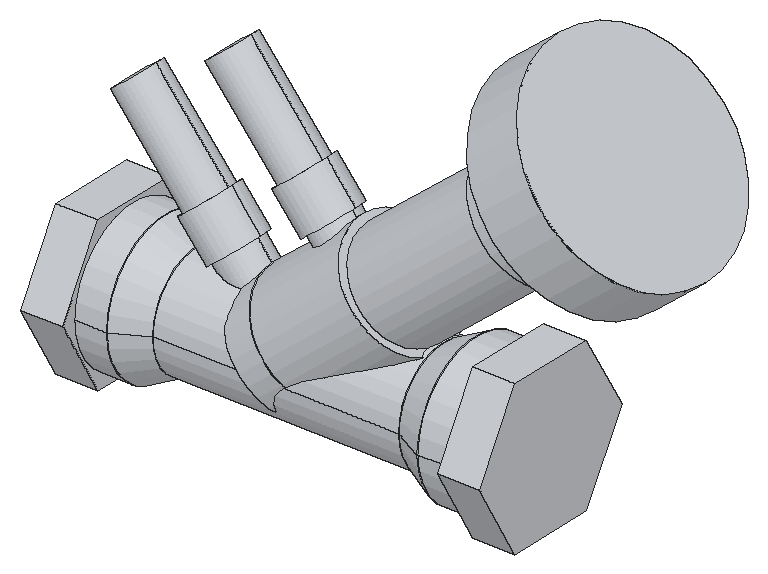
Revit family "D9505-DN40-RFA_2018", category Pipe Accessories, Revit 2018
Family settings
  Round Connector Dimension = Use Diameter
  Part Type = Valve - Breaks Into
  Work Plane-Based = No
  Always vertical = Yes
  Cut with Voids When Loaded = No
  Shared = No
Parameters (values of type "D9505 DN40")
  magiProductId = "7d52969a8dcd46c581304e64bff261"
  magiProductFamilyId = "283409d322044e8dba8a30d68fed8b"
  magiPartTypeId = 304
  isMeasuringValve [instance] = no
  ang2D [instance] = 0.00°
  W2D = 10 mm
  VersionID = "2.0/2017.10.31.1/VIR_9505_001"
  Use Minimum Symbol Size [instance] = yes
  URL = "http://www.hydronic.cz"
  Type Comments = "závitový; PN25 (-10~+100°C) nebo PN20 (-10~+130°C)"
  RN2 = 23.1 mm
  RN = 27.3 mm
  R7 = 9 mm
  R6 = 7.5 mm
  R5 = 20 mm
  R4 = 17 mm
  R3 = 19.25 mm
  R2 = 22.75 mm
  R1 = 17.5 mm
  QmdConnectorList = "301;D;302;D"
  Productdata [instance] = ""
  NUT1 = no
  Manufacturer = "Hydronic Systems Prague s.r.o."
  MC Product Code = "9505 040 (DN40; PN25 kvs19,5)"
  MC Piping Given Pressure Drop [instance] = 0.0 Pa
  L_2 = 71 mm
  L7 = 36 mm
  L6 = 2 mm
  L4 = 18.46 mm
  L3 = 10 mm
  L2__ve = -L2  # -10 mm
  L2D_Min = 3048 mm
  L2D = 77 mm
  L2 = 10 mm
  L1__ve = -L1  # -13 mm
  L1 = 13 mm
  HWR = 35 mm
  H8 = 34.8 mm
  H7 = 13.92 mm
  H6 = 26.25 mm
  H5 = 21.25 mm
  H4 = 20 mm
  H3 = 52.753 mm
  H2 = 36 mm
  H1 = 10 mm
  Description = "Ruční vyvažovací ventil závitový; bronzový; DN40; kvs19,5"
  D = 40 mm
  CenSd_RN_6 = RN * cos(30.00°)  # 23.642 mm
  CenSd_RN2_6 = RN2 * cos(30.00°)  # 20.005 mm
  CAT0 = yes
Types (7, lengths in mm): name | magiProductId | RN2 | RN | R4 | R3 | R2 | R1 | MC Product Code | L_2 | L4 | L2__ve | L2 | L1__ve | L1 | H8 | H7 | H6 | H5 | H3 | H2 | H1 | Description | D | CenSd_RN_6 | CenSd_RN2_6
  D9505 DN10 | "f06221e9bc9341508f66871c80ccb9" | 13.2 | 15.6 | 11 | 11 | 13 | 10 | "9505 010 (DN10; PN25 kvs0,97)" | 38.5 | 10.01 | -8 | 8 | -7 | 7 | 27.3 | 10.92 | 18 | 13 | 13.859 | 42 | 4 | "Ruční vyvažovací ventil závitový; bronzový; DN10; kvs0,97" | 10 | 13.51 | 11.432
  D9505 DN15 | "7168eb0cb4024df38c6d32127ca87d" | 14.85 | 17.55 | 12.375 | 12.375 | 14.625 | 11.25 | "9505 015 (DN15; PN25 kvs2,67)" | 45 | 11.7 | -8 | 8 | -8 | 8 | 27 | 10.8 | 19.375 | 14.375 | 12.304 | 41 | 5 | "Ruční vyvažovací ventil závitový; bronzový; DN15; kvs2,67" | 15 | 15.199 | 12.86
  D9505 DN20 | "82f2a7b1fa884f8cafe37fee21fa09" | 16.5 | 19.5 | 13.75 | 13.75 | 16.25 | 12.5 | "9505 020 (DN20; PN25 kvs4,1)" | 51 | 13.26 | -8 | 8 | -9 | 9 | 27 | 10.8 | 20.75 | 15.75 | 12.304 | 40 | 6 | "Ruční vyvažovací ventil závitový; bronzový; DN20; kvs4,1" | 20 | 16.887 | 14.289
  D9505 DN25 | "a5bafb2d780d49b5957b650150642c" | 18.15 | 21.45 | 15.125 | 15.125 | 17.875 | 13.75 | "9505 025 (DN25; PN25 kvs6,4)" | 55 | 14.3 | -9 | 9 | -10 | 10 | 27 | 10.8 | 22.125 | 17.125 | 12.304 | 39 | 7 | "Ruční vyvažovací ventil závitový; bronzový; DN25; kvs6,4" | 25 | 18.576 | 15.718
  D9505 DN32 | "a42dead6f7694bcf97a0a9ce0e311e" | 20.46 | 24.18 | 17 | 17.05 | 20.15 | 15.5 | "9505 032 (DN32; PN25 kvs12,0)" | 60.5 | 15.73 | -9.5 | 9.5 | -11.4 | 11.4 | 34.8 | 13.92 | 24.05 | 19.05 | 52.753 | 38 | 8 | "Ruční vyvažovací ventil závitový; bronzový; DN32; kvs12,0" | 32 | 20.94 | 17.719
  D9505 DN40 | "7d52969a8dcd46c581304e64bff261" | 23.1 | 27.3 | 17 | 19.25 | 22.75 | 17.5 | "9505 040 (DN40; PN25 kvs19,5)" | 71 | 18.46 | -10 | 10 | -13 | 13 | 34.8 | 13.92 | 26.25 | 21.25 | 52.753 | 36 | 10 | "Ruční vyvažovací ventil závitový; bronzový; DN40; kvs19,5" | 40 | 23.642 | 20.005
  D9505 DN50 | "2fc06cc644084f6992b3d357430981" | 26.4 | 31.2 | 17 | 22 | 26 | 20 | "9505 050 (DN50; PN25 kvs29,8)" | 80.5 | 20.93 | -11 | 11 | -15 | 15 | 34.8 | 13.92 | 29 | 24 | 52.753 | 34 | 12 | "Ruční vyvažovací ventil závitový; bronzový; DN50; kvs29,8" | 50 | 27.02 | 22.863
Reference planes
  plane 1 "Center (Front/Back)": y = 0
  plane 2 "XYPLANE": z = 0
  plane 3 "Center (Left/Right)": x = 0
  plane 4 "312": through (-484.44, 0, 580.961) normal (0.766, 0, 0.6428)
  plane 5 "176": through (-607.15, 0, -455.149) normal (-0.6428, 0, 0.766)
  plane 6 "173": through (-601.417, 0, -461.982) normal (-0.6428, 0, 0.766)
  plane 7 "163": x = -18.46
  plane 8 "158": x = 38
  plane 9 "157": x = 48
  plane 10 "154": x = -38
  plane 11 "83": through (-610.364, 0, -451.319) normal (-0.6428, 0, 0.766)
  plane 12 "76": through (-464.523, 0, 597.674) normal (0.766, 0, 0.6428)
  plane 13 "73": through (-598.203, 0, -465.812) normal (-0.6428, 0, 0.766)
  plane 14 "70": through (-584.543, 0, -482.091) normal (-0.6428, 0, 0.766)
  plane 15 "69": y = 0
  plane 16 "68": through (-490.569, 0, 575.819) normal (0.766, 0, 0.6428)
  plane 17 "60": through (-401.131, 0, 650.866) normal (0.766, 0, 0.6428)
  plane 18 "57": through (-416.452, 0, 638.01) normal (0.766, 0, 0.6428)
  plane 19 "54": through (-456.863, 0, 604.102) normal (0.766, 0, 0.6428)
  plane 20 "32": through (-492.101, 0, 574.533) normal (0.766, 0, 0.6428)
  plane 21 "31": y = 0
  plane 22 "30": through (564.523, 0, 482.091) normal (0.6428, 0, -0.766)
  plane 23 "21": x = -48
  plane 24 "20": x = 58
  plane 25 "19": x = -58
  plane 26 "13": x = 0
  plane 27 "11": x = 71
  plane 28 "10": x = -71
  plane 29 "9": y = 0
  plane 30 "8": z = 0
  plane 31 "65XY": through (-584.543, 0, -482.091) normal (-0.6428, 0, 0.766)
  plane 32 "65XZ": y = 0
  plane 33 "65YZ": through (-492.101, 0, 574.533) normal (0.766, 0, 0.6428)
  plane 34 "27XY": through (-492.101, 0, 574.533) normal (0.766, 0, 0.6428)
  plane 35 "27XZ": y = 0
  plane 36 "27YZ": through (564.523, 0, 482.091) normal (0.6428, 0, -0.766)
Forms (mm)
  Extrusion 1, solid, visible <- "CAT0"
    sketch origin (-492.101, 0, 574.533) x (0.642788, 0, -0.766044) y (0, 1, 0)
      loop
        circle (750, 0) r 19.25
    from 0 to 10 <- "H1"
  Extrusion 2, solid
    sketch origin (-607.15, 0, -455.149) x (0.766044, 0, 0.642788) y (0, 1, 0)
      loop
        circle (786, 0) r 7.5
    from 0 to 34.8 <- "H8"
  Extrusion 3, solid
    sketch origin (-598.203, 0, -465.812) x (0.766044, 0, 0.642788) y (0, 1, 0)
      loop
        circle (786, 0) r 9
    from 0 to 13.92 <- "H7"
  Extrusion 4, solid
    sketch origin (-456.863, 0, 604.102) x (0.642788, 0, -0.766044) y (0, 1, 0)
      loop
        circle (750, 0) r 17
    from 0 to 52.753 <- "H3"
  Extrusion 5, solid, visible <- "NUT1"
    sketch origin (-456.863, 0, 604.102) x (0.642788, 0, -0.766044) y (0, 1, 0)
      loop
        line (750, 23.1) -> (729.995, 11.55) -> (729.995, -11.55) -> (750, -23.1) -> (770.005, -11.55) -> (770.005, 11.55) -> (750, 23.1)
    from 0 to 13 <- "L1"
  Blend 6, solid, visible <- "CAT0"
    base sketch origin (-38, -750, 0) x (0, 1, 0) y (0, 0, 1)
      loop
        circle (750, 0) r 17.5
    top sketch origin (-38, -750, 0) x (0, 1, 0) y (0, 0, 1)
      loop
        circle (750, 0) r 17.5
    from 0 to 76
  Blend 7, solid
    base sketch origin (48, -750, 0) x (0, 1, 0) y (0, 0, 1)
      loop
        circle (750, 0) r 22.75
    top sketch origin (48, -750, 0) x (0, 1, 0) y (0, 0, 1)
      loop
        circle (750, 0) r 17.5
    from 0 to -10
  Blend 8, solid
    base sketch origin (-48, -750, 0) x (0, 1, 0) y (0, 0, 1)
      loop
        circle (750, 0) r 22.75
    top sketch origin (-48, -750, 0) x (0, 1, 0) y (0, 0, 1)
      loop
        circle (750, 0) r 17.5
    from 0 to 10
  Extrusion 9, solid
    sketch origin (-584.543, 0, -482.091) x (0.766044, 0, 0.642788) y (0, 1, 0)
      loop
        circle (752, 0) r 7.5
    from 0 to 26.25 <- "H6"
  Extrusion 10, solid
    sketch origin (-610.364, 0, -451.319) x (0.766044, 0, 0.642788) y (0, 1, 0)
      loop
        circle (752, 0) r 7.5
    from 0 to 34.8 <- "H8"
  Extrusion 11, solid
    sketch origin (-584.543, 0, -482.091) x (0.766044, 0, 0.642788) y (0, 1, 0)
      loop
        circle (786, 0) r 7.5
    from 0 to 21.25 <- "H5"
  Extrusion 12, solid
    sketch origin (-601.417, 0, -461.982) x (0.766044, 0, 0.642788) y (0, 1, 0)
      loop
        circle (752, 0) r 9
    from 0 to 13.92 <- "H7"
  Extrusion 13, solid, visible <- "CAT0"
    sketch origin (-401.131, 0, 650.866) x (0.642788, 0, -0.766044) y (0, 1, 0)
      loop
        circle (750, 0) r 35
    from 0 to 20 <- "H4"
  Extrusion 14, solid
    sketch origin (-416.452, 0, 638.01) x (0.642788, 0, -0.766044) y (0, 1, 0)
      loop
        circle (750, 0) r 20
    from 0 to 20 <- "H4"
  Extrusion 15, solid
    sketch origin (-484.44, 0, 580.961) x (0.642788, 0, -0.766044) y (0, 1, 0)
      loop
        circle (750, 0) r 19.25
    from 0 to 36 <- "H2"
  Extrusion 16, solid
    sketch origin (58, -750, 0) x (0, 1, 0) y (0, 0, 1)
      loop
        circle (750, 0) r 22.75
    from 0 to -10 <- "L2__ve"
  Extrusion 17, solid
    sketch origin (-58, -750, 0) x (0, 1, 0) y (0, 0, 1)
      loop
        circle (750, 0) r 22.75
    from 0 to 10 <- "L2"
  Extrusion 18, solid
    sketch origin (71, -750, 0) x (0, 1, 0) y (0, 0, 1)
      loop
        line (722.7, 0) -> (736.35, -23.642) -> (763.65, -23.642) -> (777.3, 0) -> (763.65, 23.642) -> (736.35, 23.642) -> (722.7, 0)
    from 0 to -13 <- "L1__ve"
  Extrusion 19, solid
    sketch origin (-71, -750, 0) x (0, 1, 0) y (0, 0, 1)
      loop
        line (777.3, 0) -> (763.65, 23.642) -> (736.35, 23.642) -> (722.7, 0) -> (736.35, -23.642) -> (763.65, -23.642) -> (777.3, 0)
    from 0 to 13 <- "L1"
  Extrusion 20, solid, not visible
    sketch origin (71, -750, 0) x (0, 1, 0) y (0, 0, 1)
      loop
        circle (750, 0) r 10
    from 0 to -10
  Extrusion 21, solid, not visible
    sketch origin (-71, -750, 0) x (0, 1, 0) y (0, 0, 1)
      loop
        circle (750, 0) r 10
    from 0 to 10
Lines and regions (mm)
  reference lines, not visible
    curve 1: circle (2, 2, 0) r 1 normal (0, 0, 1)
  reference lines
    curve 2: line (25.228, 0, 29.568) -> (28.902, -3.3, 25.19)
    curve 3: line (25.228, 0, 29.568) -> (25.228, -6.6, 29.568)
    curve 4: line (25.228, 0, 29.568) -> (21.554, -3.3, 33.947)
    curve 5: line (71, 0, 0) -> (71, 3.9, -6.755)
    curve 6: line (71, 0, 0) -> (71, 7.8, 0)
    curve 7: line (71, 0, 0) -> (71, 3.9, 6.755)
    curve 8: line (-71, 0, 0) -> (-71, -3.9, -6.755)
    curve 9: line (-71, 0, 0) -> (-71, -7.8, 0)
    curve 10: line (-71, 0, 0) -> (-71, -3.9, 6.755)
Dimensions and locks
  plane 1 "Center (Front/Back)" to curve 1 = 2 mm
  "H1": plane 20 "32" to plane 4 "312"
  "H7": plane 13 "73" to plane 5 "176"
  "H6": plane 14 "70" to plane 6 "173"
  "L4": plane 26 "13" to plane 7 "163"
  "L3": plane 9 "157" to plane 8 "158"
  "L2": plane 24 "20" to plane 9 "157"
  "L3": plane 23 "21" to plane 10 "154"
  "H7": plane 6 "173" to plane 11 "83"
  "L7": plane 33 "65YZ" to plane 12 "76"
  "H5": plane 14 "70" to plane 13 "73"
  locked: plane 31 "65XY" to plane 14 "70" at 0
  locked: plane 29 "9" to plane 15 "69"
  "L6": plane 33 "65YZ" to plane 16 "68"
  "H4": plane 18 "57" to plane 17 "60"
  "H3": plane 19 "54" to plane 18 "57"
  "H2": plane 4 "312" to plane 19 "54"
  locked: plane 34 "27XY" to plane 20 "32" at 0
  locked: plane 29 "9" to plane 21 "31"
  locked: plane 36 "27YZ" to plane 22 "30"
  "L2": plane 25 "19" to plane 23 "21"
  "L1": plane 27 "11" to plane 24 "20"
  "L1": plane 28 "10" to plane 25 "19"
  locked: plane 3 "Center (Left/Right)" to plane 26 "13"
  "L_2": plane 3 "Center (Left/Right)" to plane 27 "11"
  "L_2": plane 3 "Center (Left/Right)" to plane 28 "10"
  locked: plane 1 "Center (Front/Back)" to plane 29 "9"
  locked: plane 2 "XYPLANE" to plane 30 "8"
  "CenSd_RN2_6": curve 2 to Extrusion 5 sketch curve  (x2)
  "CenSd_RN2_6": curve 3 to Extrusion 5 sketch curve  (x2)
  "CenSd_RN2_6": curve 4 to Extrusion 5 sketch curve  (x2)
  Extrusion 5 sketch curve to Extrusion 5 sketch curve = 0 mm  (x12)
  "CenSd_RN_6": curve 5 to Extrusion 18 sketch curve  (x2)
  "CenSd_RN_6": curve 6 to Extrusion 18 sketch curve  (x2)
  "CenSd_RN_6": curve 7 to Extrusion 18 sketch curve  (x2)
  Extrusion 18 sketch curve to Extrusion 18 sketch curve = 0 mm  (x12)
  "CenSd_RN_6": curve 8 to Extrusion 19 sketch curve  (x2)
  "CenSd_RN_6": curve 9 to Extrusion 19 sketch curve  (x2)
  "CenSd_RN_6": curve 10 to Extrusion 19 sketch curve  (x2)
  Extrusion 19 sketch curve to Extrusion 19 sketch curve = 0 mm  (x12)
  "R3": radius of Extrusion 1 sketch curve
  "R6": radius of Extrusion 2 sketch curve
  "R7": radius of Extrusion 3 sketch curve
  "R4": radius of Extrusion 4 sketch curve
  "R1": radius of Blend 6 sketch curve  (x2)
  "R1": radius of Blend 7 sketch curve
  "R2": radius of Blend 7 sketch curve
  "R1": radius of Blend 8 sketch curve
  "R2": radius of Blend 8 sketch curve
  "R6": radius of Extrusion 9 sketch curve
  "R6": radius of Extrusion 10 sketch curve
  "R6": radius of Extrusion 11 sketch curve
  "R7": radius of Extrusion 12 sketch curve
  "HWR": radius of Extrusion 13 sketch curve
  "R5": radius of Extrusion 14 sketch curve
  "R3": radius of Extrusion 15 sketch curve
  "R2": radius of Extrusion 16 sketch curve
  "R2": radius of Extrusion 17 sketch curve
  locked: curve 3 to curve 2 (angle 60.00°)
  locked: curve 4 to curve 3 (angle 60.00°)
  locked: curve 4 to curve 2 (angle 120.00°)
  locked: curve 6 to curve 5 (angle 60.00°)
  locked: curve 7 to curve 6 (angle 60.00°)
  locked: curve 7 to curve 5 (angle 120.00°)
  locked: curve 9 to curve 8 (angle 60.00°)
  locked: curve 10 to curve 9 (angle 60.00°)
  locked: curve 10 to curve 8 (angle 120.00°)
  aligned and locked: level to plane 2 "XYPLANE"
  aligned and locked: plane 21 "31" to Extrusion 1 sketch curve
  aligned and locked: Extrusion 1 sketch curve to plane 22 "30"
  aligned and locked: Extrusion 2 sketch curve to plane 12 "76"
  aligned and locked: plane 15 "69" to Extrusion 2 sketch curve
  aligned and locked: Extrusion 3 sketch curve to plane 12 "76"
  aligned and locked: plane 15 "69" to Extrusion 3 sketch curve
  aligned and locked: plane 21 "31" to Extrusion 4 sketch curve
  aligned and locked: Extrusion 4 sketch curve to plane 22 "30"
  aligned and locked: curve 2 to plane 22 "30"
  aligned and locked: plane 21 "31" to curve 3
  aligned and locked: Blend 6 sketch curve to plane 29 "9"  (x2)
  aligned and locked: plane 30 "8" to Blend 6 sketch curve  (x2)
  aligned and locked: plane 8 "158" to Blend 6
  aligned and locked: Blend 7 sketch curve to plane 29 "9"  (x2)
  aligned and locked: plane 30 "8" to Blend 7 sketch curve  (x2)
  aligned and locked: Blend 7 to plane 8 "158"
  aligned and locked: Blend 8 sketch curve to plane 29 "9"  (x2)
  aligned and locked: plane 30 "8" to Blend 8 sketch curve  (x2)
  aligned and locked: plane 10 "154" to Blend 8
  aligned and locked: plane 15 "69" to Extrusion 9 sketch curve
  aligned and locked: Extrusion 9 sketch curve to plane 16 "68"
  aligned and locked: plane 15 "69" to Extrusion 10 sketch curve
  aligned and locked: Extrusion 10 sketch curve to plane 16 "68"
  aligned and locked: Extrusion 11 sketch curve to plane 12 "76"
  aligned and locked: plane 15 "69" to Extrusion 11 sketch curve
  aligned and locked: plane 15 "69" to Extrusion 12 sketch curve
  aligned and locked: Extrusion 12 sketch curve to plane 16 "68"
  aligned and locked: plane 21 "31" to Extrusion 13 sketch curve
  aligned and locked: Extrusion 13 sketch curve to plane 22 "30"
  aligned and locked: plane 21 "31" to Extrusion 14 sketch curve
  aligned and locked: Extrusion 14 sketch curve to plane 22 "30"
  aligned and locked: plane 21 "31" to Extrusion 15 sketch curve
  aligned and locked: Extrusion 15 sketch curve to plane 22 "30"
  aligned and locked: Extrusion 16 sketch curve to plane 29 "9"
  aligned and locked: plane 30 "8" to Extrusion 16 sketch curve
  aligned and locked: Extrusion 17 sketch curve to plane 29 "9"
  aligned and locked: plane 30 "8" to Extrusion 17 sketch curve
  aligned and locked: curve 7 to plane 29 "9"
  aligned and locked: plane 30 "8" to curve 7
  aligned and locked: curve 10 to plane 29 "9"
  aligned and locked: plane 30 "8" to curve 10
  aligned and locked: Extrusion 20 sketch curve to plane 29 "9"
  aligned and locked: plane 30 "8" to Extrusion 20 sketch curve
  aligned and locked: Extrusion 21 sketch curve to plane 29 "9"
  aligned and locked: plane 30 "8" to Extrusion 21 sketch curve
Automatic sketch dimensions
  plane 1 "Center (Front/Back)" to Extrusion 20 sketch curve = 10 mm
  plane 1 "Center (Front/Back)" to Extrusion 21 sketch curve = 10 mm
  plane 3 "Center (Left/Right)" to curve 1 = 2 mm
  radius of curve 1 = 1 mm
Connectors
  piping at (-71, 0, 0), diameter 40, driven by "D"
    settings: on Extrusion 21, index 1, connector inside diameter 609.6 mm, connector length 0 mm, flow factor 0, pipe flow 0.0 L/s, pressure drop 0.0 Pa, fitting loss kfactor 0, connector angle 0.00°, fixture units 0, engagement length 0 mm, angle of deflection 0.00°, flow configuration 0, flow direction 0, fitting loss method 0, system type 29, joint type 0, gender type 0, connector reference index 2, connector utility 0, adjustable connector no, is connector primary yes, connector description ""
  piping at (71, 0, 0), diameter 40, driven by "D"
    settings: on Extrusion 20, index 2, connector inside diameter 609.6 mm, connector length 0 mm, flow factor 0, pipe flow 0.0 L/s, pressure drop 0.0 Pa, fitting loss kfactor 0, connector angle 0.00°, fixture units 0, engagement length 0 mm, angle of deflection 0.00°, flow configuration 0, flow direction 0, fitting loss method 0, system type 29, joint type 0, gender type 0, connector reference index 1, connector utility 0, adjustable connector no, is connector primary no, connector description ""
